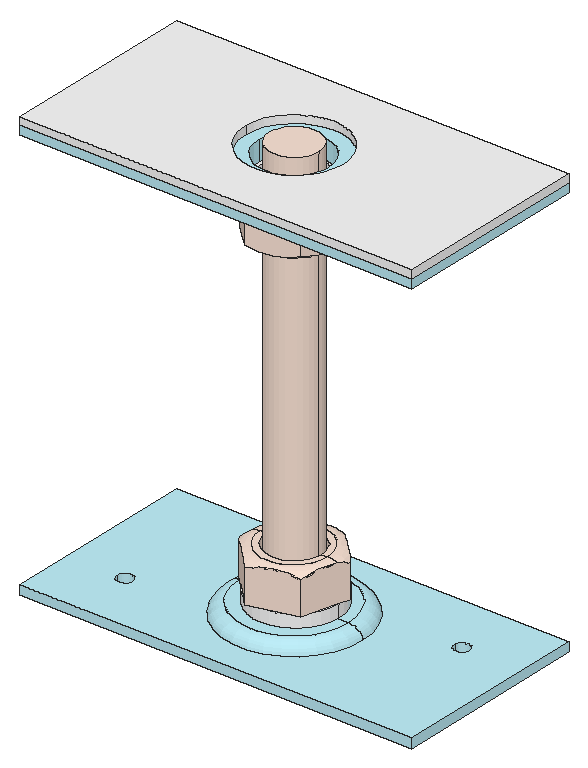
Revit family "GTクイーンアウトドアプレートタイプ", category 機械設備, Revit 2020
Family settings
  丸型コネクタ寸法 = 直径を使用
  種別 = なし
  パーツ タイプ = 標準
  作業面ベース = いいえ
  常に垂直 = はい
  ロード時にボイドで切り取り = いいえ
  共有 = いいえ
  部屋計算ポイント = いいえ
Parameters
  製造元 = "株式会社桐井製作所"
  既定の高さ = 0 mm
  URL = "https://www.kirii.co.jp/"
  K_名称 = "GTアウトドアクイーンプレートタイプ"
  K_備考 = "ボルト長さ60mm~250mmまで対応"
  K_バージョン情報 = "20221219"
Reference planes
  plane 1 "中心(正面/背面)": y = 0
  plane 2: z = 0
  plane 3 "中心(左/右)": x = 0
Dimensions and locks
  aligned and locked: level to plane 2
Nested families
  nested 1: "クッションゴムGTクイーン用" at (0.038, 0, 107.3), type "クッションゴムGTクイーン用"
  nested 2: "1／2”ボルト(高耐食)" at (-0.038, 0, 0), type "1／2”ボルト(高耐食)"
    with K_長さ(mm) 110 mm
  nested 3: "1／2”ナット(高耐食)" at (0, 0, 8.2), type "1／2”ナット(高耐食)"
  nested 4: "1／2”ナット(高耐食)" at (0, 0, 99.1) x (1, 0, 0) z (0, 0, -1), type "1／2”ナット(高耐食)"
  nested 5: "受け金具GTクイーン用(高耐食)" at (0, 0, 0), type "受け金具GTクイーン用(高耐食)"
  nested 6: "1／2”スプリングワッシャー(高耐食)" at (0.076, 0.162, 5), type "1／2”スプリングワッシャー(高耐食)"
  nested 7: "1／2”スプリングワッシャー(高耐食)" at (0.076, 0.162, 99.1), type "1／2”スプリングワッシャー(高耐食)"
  nested 8: "受け金具GTクイーン用(高耐食)" at (0, 0, 107.3) x (1, 0, 0) z (0, 0, -1), type "受け金具GTクイーン用(高耐食)"
Definition of nested family "クッションゴムGTクイーン用"
  Parameters (values of type "クッションゴムGTクイーン用")
    Manufacturer = "株式会社桐井製作所"
    Default Elevation = 0 mm
    URL = "https://www.kirii.co.jp/"
    K_材質 = "天然ゴム"
    K_名称 = "クッションゴムGTクイーン用"
    K_単位質量(kg/個) = 0.013
    K_バージョン情報 = "20221219"
    K_JIS規格 = "JIS Ｋ 6386"
  Reference planes
    plane 1 "中心(正面/背面)": y = 0
    plane 2: z = 0
    plane 3 "中心(左/右)": x = 0
  Forms (mm)
    Extrusion 1, solid
      sketch origin (0, 0, -108.4) x (-1, 0, 0) y (0, 0, 1)
        loop
          line (50, 108.4) -> (50, 110.4) -> (-50, 110.4) -> (-50, 108.4) -> (50, 108.4)
      from -25 to 25
    Extrusion 2, void
      sketch origin (0, 0, 0) x (1, 0, 0) y (0, 1, 0)
        loop
          circle (0, 0) r 12.5
      from 0 to 2
  Cuts and joins
    Extrusion 2 cuts Extrusion 1
  Dimensions and locks
    aligned and locked: level to plane 2
Definition of nested family "1／2”ボルト(高耐食)"
  Parameters (values of type "1／2”ボルト(高耐食)")
    Manufacturer = "株式会社桐井製作所"
    Default Elevation = 0 mm
    URL = "https://www.kirii.co.jp/"
    K_長さ(mm) [instance] = 100 mm
    K_材質 = "軟鋼線材"
    K_名称 = "1/2”ボルト(高耐食)"
    K_単位質量(㎏/mm) = 0.075
    K_バージョン情報 = "20221219"
    K_めっき付着量 = "高耐食複合焼付被膜"
    K_JIS規格 = "JIS G 3505　同等以上"
  Reference planes
    plane 1 "中心(正面/背面)": y = 0
    plane 2: z = 0
    plane 3 "中心(左/右)": x = 0
  Forms (mm)
    Extrusion 1, solid
      sketch origin (0.058, 0, 0) x (1, 0, 0) y (0, 1, 0)
        loop
          circle (-0.02, 0) r 6.35
      from 0 to 100
  Dimensions and locks
    "K_長さ(mm)": Extrusion 1 to Extrusion 1
    aligned and locked: level to plane 2
  Automatic sketch dimensions
    plane 1 "中心(正面/背面)" to Extrusion 1 sketch curve = 0 mm
    plane 3 "中心(左/右)" to Extrusion 1 sketch curve = 0.038 mm
    radius of Extrusion 1 sketch curve = 6.35 mm
Definition of nested family "1／2”ナット(高耐食)"
  Parameters (values of type "1／2”ナット(高耐食)")
    Manufacturer = "株式会社桐井製作所"
    Default Elevation = 0 mm
    URL = "https://www.kirii.co.jp/"
    K_表面処理 = "高耐食複合焼付被覆"
    K_材質 = "軟鋼線材 JIS G 3505 同等以上"
    K_名称 = "1/2\"ナット(高耐食)"
    K_単位質量(kg/個) = 0.021
    K_バージョン情報 = "20221219"
  Reference planes
    plane 1 "中心(正面/背面)": y = 0
    plane 2: z = 0
    plane 3 "中心(左/右)": x = 0
  Forms (mm)
    Revolve 1, solid
      sketch origin (0, 0, 2.36) x (1, 0, 0) y (0, 0, 1)
        loop
          line (7, 7.64) -> (7, -2.36) -> (13, -2.36) -> (13, 4.782)
          arc (13, 4.782) -> (11.208, 6.863) -> (8.573, 7.64) r 4.858
          line (8.573, 7.64) -> (7, 7.64)
        axis (0, 7.64) -> (0, -2.36)
      angle from 0 to 360
    Extrusion 2, void
      sketch origin (0, 0, 0) x (1, 0, 0) y (0, 1, 0)
        loop
          circle (0, 0) r 14
        loop
          line (3.138, 11.711) -> (-8.573, 8.573) -> (-11.711, -3.138) -> (-3.138, -11.711) -> (8.573, -8.573) -> (11.711, 3.138) -> (3.138, 11.711)
      from 0 to 10
  Cuts and joins
    Extrusion 2 cuts Revolve 1
  Dimensions and locks
    aligned and locked: level to plane 2
Definition of nested family "受け金具GTクイーン用(高耐食)"
  Parameters (values of type "受け金具GTクイーン用(高耐食)")
    Manufacturer = "株式会社桐井製作所"
    Default Elevation = 0 mm
    URL = "https://www.kirii.co.jp/"
    K_表面処理 = "K27"
    K_材質 = "溶融亜鉛めっき鋼板及び鋼帯 JIS G 3302"
    K_名称 = "GTクイーン用受け金具(高耐食)"
    K_バージョン情報 = "20221219"
  Reference planes
    plane 1 "中心(正面/背面)": y = 0
    plane 2: z = 0
    plane 3 "中心(左/右)": x = 0
  Forms (mm)
    Extrusion 1, solid
      sketch origin (0, 0, 0) x (1, 0, 0) y (0, 0, 1)
        loop
          line (-50, 2.3) -> (-50, 0) -> (50, 0) -> (50, 2.3) -> (-50, 2.3)
      from -25 to 25
    Revolve 2, solid
      sketch origin (0, 0, 0) x (1, 0, 0) y (0, 0, 1)
        loop
          line (0, 5) -> (0, 2.3) -> (17.5, 2.3)
          arc (17.5, 2.3) -> (16.21, 4.247) -> (14, 5) r 3.619
          line (14, 5) -> (0, 5)
        axis (0, 5) -> (0, 2.3)
      angle from 0 to 360
    Extrusion 3, void
      sketch origin (0, 0, 0) x (1, 0, 0) y (0, 1, 0)
        loop
          circle (-0.139, 0) r 9
      from 0 to 5
    Extrusion 4, void
      sketch origin (0, 0, 0) x (1, 0, 0) y (0, 1, 0)
        loop
          circle (-35.139, -10) r 2
        loop
          circle (34.861, 10) r 2
      from 0 to 2.3
  Cuts and joins
    Extrusion 3, Extrusion 4 cuts Extrusion 1
    Extrusion 3, Extrusion 4 cuts Revolve 2
    joined: Extrusion 1, Revolve 2
  Dimensions and locks
    aligned and locked: level to plane 2
Definition of nested family "1／2”スプリングワッシャー(高耐食)"
  Parameters (values of type "1／2”スプリングワッシャー(高耐食)")
    Manufacturer = "株式会社桐井製作所"
    Default Elevation = 0 mm
    URL = "https://www.kirii.co.jp/"
    K_表面処理 = "高耐食複合焼付被覆"
    K_材質 = "軟鋼線材 JIS G 3505 同等以上"
    K_名称 = "1/2”スプリングワッシャー(高耐食)"
    K_単位質量(kg/個) = 0.001
    K_バージョン情報 = "20221212"
  Reference planes
    plane 1 "中心(正面/背面)": y = 0
    plane 2: z = 0
    plane 3 "中心(左/右)": x = 0
  Forms (mm)
    Extrusion 1, solid
      sketch origin (0, 0, 0) x (1, 0, 0) y (0, 1, 0)
        loop
          circle (0, 0.162) r 11
        loop
          circle (0, 0.162) r 8
      from 0 to 3.2
  Dimensions and locks
    aligned and locked: level to plane 2
